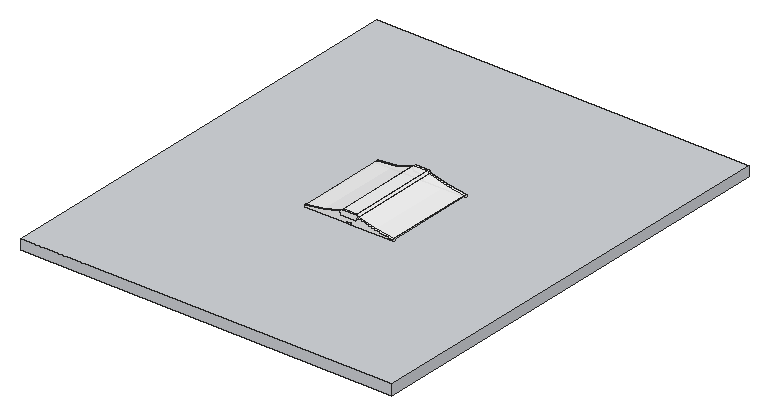
Revit family "Zumtobel MELLOW LIGHT 6 evo - AB", category Lighting Fixtures, host Face, Revit 2014
Parameters (values of type "ML evo AL LED3600 Q")
  Wings = Zumtobel_PMMA_White
  Width = 582.00 mm
  Wattage = 35.9375 W
  built-in parameter 1150110 = 1 (stored number, unit not read)
  Voltage = 230 V
  URL = "http://www.zumtobel.com/42184767\r\n42182682"
  Type Comments = "© Zumtobel. We reserve the right to make technical changes without prior notice."  # constant formula
  built-in parameter 1114217 = 1 (stored number, unit not read)
  Tilt Angle = 90.00°
  built-in parameter 1150109 = 1 (stored number, unit not read)
  built-in parameter 1150134 = 12
  built-in parameter 1150113 = 1 (stored number, unit not read)
  Photometric Web File = "D37836AA_MLevo_AL_LED3600-840_Q.ies"
  Model = "42184767"
  Middle Part = Zumtobel_PMMA_White
  Manufacturer = "Zumtobel Lighting"  # constant formula
  built-in parameter 1150105 = 274.54 (stored number, unit not read)
  Lumens = 3450 lm
  built-in parameter 1150115 = 1 (stored number, unit not read)
  built-in parameter 1150137 = (empty or 0)
  built-in parameter 1150139 = (empty or 0)
  Length = 600.00 mm
  built-in parameter 1150112 = 1 (stored number, unit not read)
  built-in parameter 1150114 = 1 (stored number, unit not read)
  Lamp = "LED"
  built-in parameter 1150132 = 2
  built-in parameter 1150102 = (empty or 0)
  built-in parameter 1150107 = 4000 (stored number, unit not read)
  built-in parameter 1150138 = (empty or 0)
  built-in parameter 1150106 = 2.7454 (stored number, unit not read)
  Height = 69.00 mm
  Emit from Rectangle Width = Width - 45.00 mm  # 537.00 mm
  Emit from Rectangle Length = Length - 45.00 mm  # 555.00 mm
  Emit Shape Visible in Rendering = no
  built-in parameter 1150104 = 8.9187 (stored number, unit not read)
  Dimming Lamp Color Temperature Shift = <None>
  Description = "Mellow light surface-mounted luminaire"  # constant formula
  Cover = Zumtobel_Metal_Aluminium
  Color Filter = 16777215
  Body = Zumtobel_Metal_White
  built-in parameter 1114218 = 1 (stored number, unit not read)
  built-in parameter 1150133 = 10 (stored number, unit not read)
  Apparent Load = 29 VA
  Default Elevation = 0.00 mm
  Assembly Code = "D5020200"
Types (6, lengths in mm): name | Width | Wattage | URL | Photometric Web File | Model | Middle Part | built-in parameter 1150105 | Lumens | Length | built-in parameter 1150106 | Emit from Rectangle Width | Emit from Rectangle Length | Apparent Load
  ML evo AA LED3600 Q | 582.00 | 36.5 W | "http://www.zumtobel.com/42185186\r\n42182682" | "D37832AA_MLevo_AA_LED3600-840_Q_complete.ies" | "42185186" | Zumtobel_PMMA_White_Diffusor | 278.84 (stored number, unit not read) | 3504 lm | 600.00 | 2.7884 (stored number, unit not read) | 537.00 | 555.00 | 30.4 VA
  ML evo AL LED3600 Q | 582.00 | 35.9375 W | "http://www.zumtobel.com/42184767\r\n42182682" | "D37836AA_MLevo_AL_LED3600-840_Q.ies" | "42184767" | Zumtobel_PMMA_White | 274.54 (stored number, unit not read) | 3450 lm | 600.00 | 2.7454 (stored number, unit not read) | 537.00 | 555.00 | 29 VA
  ML evo AL LED3600 L | 349.00 | 36.4062 W | "http://www.zumtobel.com/42184766\r\n42182682" | "D37822AA_MLevo_AL_LED3600-840_L.ies" | "42184766" | Zumtobel_PMMA_White | 278.12 (stored number, unit not read) | 3495 lm | 1151.00 | 2.7812 (stored number, unit not read) | 304.00 | 1106.00 | 29 VA
  ML evo AA LED4800 Q | 582.00 | 49.8125 W | "http://www.zumtobel.com/42184764\r\n42182682" | "D37832AA_MLevo_AA_LED4800-840_Q_complete.ies" | "42184764" | Zumtobel_PMMA_White_Diffusor | 380.54 (stored number, unit not read) | 4782 lm | 600.00 | 3.8054 (stored number, unit not read) | 537.00 | 555.00 | 43.7 VA
  ML evo AA LED4800 L | 349.00 | 51.1771 W | "http://www.zumtobel.com/42184763\r\n42182682" | "D37812AA_MLevo_AA_LED4800-840_L_complete.ies" | "42184763" | Zumtobel_PMMA_White_Diffusor | 390.96 (stored number, unit not read) | 4913 lm | 1151.00 | 3.9096 (stored number, unit not read) | 304.00 | 1106.00 | 43.7 VA
  ML evo AA LED3600 L | 349.00 | 51.1771 W | "http://www.zumtobel.com/42185187\r\n42182682" | "D37812AA_MLevo_AA_LED3600-840_L_complete.ies" | "42185187" | Zumtobel_PMMA_White_Diffusor | 390.96 (stored number, unit not read) | 4913 lm | 1151.00 | 3.9096 (stored number, unit not read) | 304.00 | 1106.00 | 30.4 VA
Reference planes
  plane 1 "Top": z = 0
  plane 2 "Center (Left/Right)": x = 0
  plane 3 "Center (Front/Back)": y = -11.001
  plane 4 "Back": y = 288.999
  plane 5 "Front": y = -311.001
  plane 6: x = -291
  plane 7: x = 291
  plane 8 "Surface Mount Bottom": z = 0
  plane 9 "Light Shape": z = 69
  plane 10: y = 278.999
  plane 11: y = -301.001
  plane 12: y = 291.499
  plane 13: y = -313.501
Forms (mm)
  Extrusion 1, solid
    sketch origin (0, 0, 0) x (1, 0, 0) y (0, 1, 0)
      loop
        line (-1219.2, 1439.2) -> (-1219.2, -1480.8) -> (1219.2, -1480.8) -> (1219.2, 1439.2) -> (-1219.2, 1439.2)
    from 0 to -66.193
  Sweep 2, solid, material "Zumtobel_Metal_White" <- "Body", detail levels medium+fine
    path origin (0, 0, 0) x (1, 0, 0) y (0, 1, 0)
      loop
        line (0, 288.999) -> (0, 278.999)
    profile "ML6 Profile Frame : ML6 Profile Frame" origin (0, 283.999, 0) x (1, 0, 0) y (0, 0, 1)
      loop
        line (-291, 0) -> (-15, 0) -> (-14.125, 10) -> (14.125, 10) -> (15, 0) -> (291, 0) -> (291, 10)
        arc (291, 10) -> (173.086, 25.613) -> (58, 55.659) r 961.875
        line (58, 55.659) -> (48, 38.339)
        arc (48, 38.339) -> (0, 35.33) -> (-48, 38.339) r 384.378
        line (-48, 38.339) -> (-58, 55.659)
        arc (-58, 55.659) -> (-173.086, 25.613) -> (-291, 10) r 961.875
        line (-291, 10) -> (-291, 0)
  Sweep 3, solid, material "Zumtobel_Metal_White" <- "Body", detail levels medium+fine
    path origin (0, -120, 0) x (1, 0, 0) y (0, 1, 0)
      loop
        line (0, -181.001) -> (0, -191.001)
    profile "ML6 Profile Frame : ML6 Profile Frame" origin (0, -306.001, 0) x (1, 0, 0) y (0, 0, 1)
      loop
        line (-291, 0) -> (-15, 0) -> (-14.125, 10) -> (14.125, 10) -> (15, 0) -> (291, 0) -> (291, 10)
        arc (291, 10) -> (173.086, 25.613) -> (58, 55.659) r 961.875
        line (58, 55.659) -> (48, 38.339)
        arc (48, 38.339) -> (0, 35.33) -> (-48, 38.339) r 384.378
        line (-48, 38.339) -> (-58, 55.659)
        arc (-58, 55.659) -> (-173.086, 25.613) -> (-291, 10) r 961.875
        line (-291, 10) -> (-291, 0)
  Sweep 4, solid, material "Zumtobel_Metal_White" <- "Body", detail levels medium+fine
    path origin (0, 40, 0) x (1, 0, 0) y (0, 1, 0)
      loop
        line (0, 251.499) -> (0, 238.999)
    profile "ML6 Profile Frame Cover : ML6 Profile Frame Cover" origin (0, 285.249, 0) x (1, 0, 0) y (0, 0, 1)
      loop
        line (-58, 55.659) -> (-48, 38.339)
        arc (-48, 38.339) -> (0, 35.33) -> (48, 38.339) r 384.378
        line (48, 38.339) -> (58, 55.659) -> (44.659, 69)
        arc (44.659, 69) -> (0, 71) -> (-44.659, 69) r 499.609
        line (-44.659, 69) -> (-58, 55.659)
  Sweep 5, solid, material "Zumtobel_Metal_White" <- "Body", detail levels medium+fine
    path origin (0, -62.001, 0) x (1, 0, 0) y (0, -1, 0)
      loop
        line (0, 251.499) -> (0, 238.999)
    profile "ML6 Profile Frame Cover : ML6 Profile Frame Cover" origin (0, -307.251, 0) x (-1, 0, 0) y (0, 0, 1)
      loop
        line (58, 55.659) -> (44.659, 69)
        arc (44.659, 69) -> (0, 71) -> (-44.659, 69) r 499.609
        line (-44.659, 69) -> (-58, 55.659) -> (-48, 38.339)
        arc (-48, 38.339) -> (0, 35.33) -> (48, 38.339) r 384.378
        line (48, 38.339) -> (58, 55.659)
  Extrusion 6, solid, material "Zumtobel_Metal_White" <- "Body", detail levels medium+fine
    sketch origin (0, -311.001, 0) x (-1, 0, 0) y (0, 0, -1)
      loop
        line (-14.125, -10) -> (14.125, -10) -> (15, 0) -> (-15, 0) -> (-14.125, -10)
    from -10 to 0
  Extrusion 7, solid, material "Zumtobel_Metal_White" <- "Body", detail levels medium+fine
    sketch origin (0, 564.499, 0) x (-1, 0, 0) y (0, 0, 1)
      loop
        line (-14.125, 10) -> (-15, 0) -> (15, 0) -> (14.125, 10) -> (-14.125, 10)
    from -285.5 to -275.5
  Sweep 8, solid, detail levels medium+fine
    path origin (0, 0, 0) x (1, 0, 0) y (0, 1, 0)
      loop
        line (0, 278.999) -> (0, -301.001)
    profile "ML6 Profile Cover : ML6 Profile Cover" origin (0, -11.001, 0) x (1, 0, 0) y (0, 0, 1)
      loop
        line (-289, 0) -> (289, 0) -> (289, 8.129)
        arc (289, 8.129) -> (171.556, 23.868) -> (56.93, 53.9) r 963.82
        line (56.93, 53.9) -> (43.758, 67.072)
        arc (43.758, 67.072) -> (0, 69) -> (-43.758, 67.072) r 497.609
        line (-43.758, 67.072) -> (-56.93, 53.9)
        arc (-56.93, 53.9) -> (-171.556, 23.868) -> (-289, 8.129) r 963.82
        line (-289, 8.129) -> (-289, 0)
Lines and regions (mm)
  symbolic lines, style "Zumtobel Lighting", detail levels coarse
    curve 1: line (-291, 288.999, 0) -> (291, 288.999, 0)
    curve 2: line (-291, -311.001, 0) -> (291, -311.001, 0)
    curve 3: line (0, 288.999, 0) -> (0, -311.001, 0)
Dimensions and locks
  equal spacing: plane 4 "Back", plane 3 "Center (Front/Back)", plane 5 "Front"
  "Length": plane 4 "Back" to plane 5 "Front"
  equal spacing: plane 6, plane 2 "Center (Left/Right)", plane 7
  "Width": plane 6 to plane 7
  "Height": plane 9 "Light Shape" to plane 1 "Top"
  locked: plane 4 "Back" to plane 10 at 10
  locked: plane 5 "Front" to plane 11 at 10
  locked: plane 12 to plane 10 at 12.5
  locked: plane 13 to plane 11 at 12.5
  locked: connector elem to plane 3 "Center (Front/Back)"
  aligned and locked: plane 1 "Top" to Extrusion 1
  aligned and locked: level to Extrusion 1
  aligned: imposter light to plane 2 "Center (Left/Right)"
  aligned: imposter light to plane 3 "Center (Front/Back)"
  aligned and locked: curve 1 to plane 4 "Back"
  aligned and locked: plane 5 "Front" to curve 2
  aligned and locked: curve 3 to plane 2 "Center (Left/Right)"
  aligned and locked: imposter light to plane 9 "Light Shape"
  aligned and locked: Sweep 2 sketch curve to plane 2 "Center (Left/Right)"
  aligned and locked: plane 4 "Back" to Sweep 2 sketch curve
  aligned and locked: plane 10 to Sweep 2 sketch curve
  aligned and locked: plane 5 "Front" to Sweep 3 sketch curve
  aligned and locked: plane 11 to Sweep 3 sketch curve
  aligned and locked: plane 10 to Sweep 4 sketch curve
  aligned and locked: plane 12 to Sweep 4 sketch curve
  aligned and locked: plane 13 to Sweep 5 sketch curve
  aligned and locked: plane 11 to Sweep 5 sketch curve
  aligned and locked: Extrusion 6 to plane 11
  aligned and locked: plane 5 "Front" to Extrusion 6
  aligned and locked: Extrusion 7 to plane 10
  aligned and locked: plane 4 "Back" to Extrusion 7
  aligned and locked: Sweep 8 sketch curve to plane 2 "Center (Left/Right)"
  aligned and locked: plane 11 to Sweep 8 sketch curve
  aligned and locked: plane 10 to Sweep 8 sketch curve
Automatic sketch dimensions
  curve 2 to plane 6 = 0.00 mm
  curve 1 to plane 6 = 0.00 mm
  curve 2 to plane 7 = 0.00 mm
  curve 1 to plane 7 = 0.00 mm
  Extrusion 1 sketch curve to Extrusion 1 sketch curve = 2438.40 mm
  Extrusion 1 sketch curve to Extrusion 1 sketch curve = 2920.00 mm
  Sweep 3 sketch curve to plane 2 "Center (Left/Right)" = 0.00 mm
  plane 11 to Sweep 3 sketch curve = 0.00 mm
  Sweep 4 sketch curve to plane 2 "Center (Left/Right)" = 0.00 mm
  Sweep 5 sketch curve to plane 2 "Center (Left/Right)" = 0.00 mm
  Extrusion 6 sketch curve to level = 0.00 mm
  Extrusion 6 sketch curve to plane 2 "Center (Left/Right)" = 15.00 mm
  Extrusion 6 sketch curve to Extrusion 6 sketch curve = 0.875 mm  (x2)
  plane 2 "Center (Left/Right)" to Extrusion 6 sketch curve = 14.125 mm
  Extrusion 6 sketch curve to level = 10.00 mm
  Extrusion 7 sketch curve to level = 0.00 mm
  plane 2 "Center (Left/Right)" to Extrusion 7 sketch curve = 15.00 mm
  Extrusion 7 sketch curve to Extrusion 7 sketch curve = 0.875 mm  (x2)
  Extrusion 7 sketch curve to plane 2 "Center (Left/Right)" = 14.125 mm
  level to Extrusion 7 sketch curve = 10.00 mm
Connectors
  electrical at (0, -11.001, 0), driven by "Voltage", driven by "Apparent Load"
    settings: index 3, voltage 230 V, apparent load 0 VA, apparent load phase1 29 VA, apparent load phase2 0 VA, apparent load phase3 0 VA, power factor 1, load classification "Lighting", number of poles 1, system type 31, power factor state 1, is connector primary yes, connector utility no, sub classification motor no, connector description "Power"
